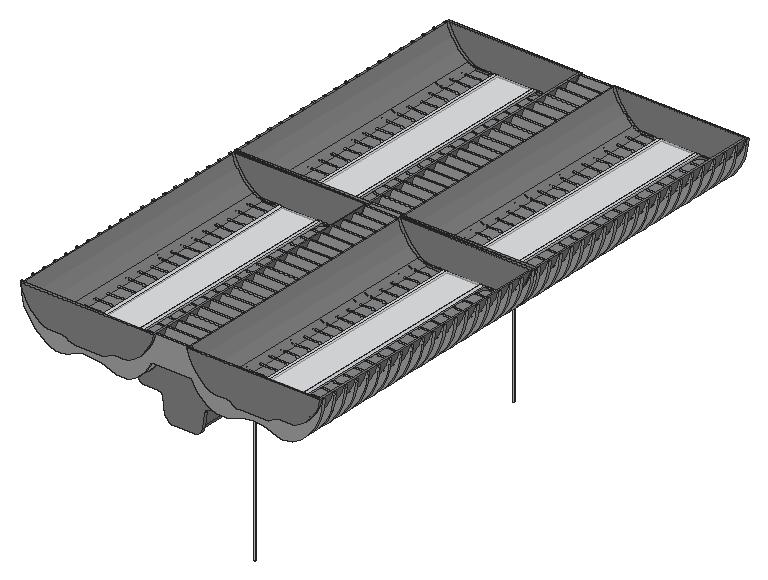
Revit family "0039266 Feilo Sylvania Lighting Fixtures SYLBAY LED 4000K 37KLM WIDE DALI", category Lighting Fixtures, host Face, Revit 2017
Family settings
  Host = Face
  Round Connector Dimension = Use Diameter
  Part Type = Normal
  OmniClass Number = 23.80.70.00
  OmniClass Title = Lighting
  Cut with Voids When Loaded = No
  Light Source = Yes
  Shared = No
  Room Calculation Point = No
Parameters (values of type "0039266 SYLBAY LED 4000K 37KLM WIDE DALI")
  WireRadius_FEILO = 1 mm
  Weight = "8.9 kg"
  Wattage Comments = "n/a"
  Wattage = 290 W
  WarrantyStartDate [instance] = "n/a"
  WarrantyGuarantorParts = "n/a"
  WarrantyDurationUnit = "n/a"
  WarrantyDurationParts = "n/a"
  WarrantyDescription = "n/a"
  built-in parameter 1150110 = 1 (stored number, unit not read)
  Voltage = 230 V
  URL = "http://www.sylvania-lighting.com"
  TypeName = "SYLBAY LED 4000K 37KLM WIDE DALI"
  Type Image = <None>
  Type Comments = "n/a"
  built-in parameter 1114217 = 1 (stored number, unit not read)
  Tilt Angle = -90.00°
  built-in parameter 1150109 = 1 (stored number, unit not read)
  built-in parameter 1150134 = 12
  SuspensionHeight_FEILO [instance] = if(SurfaceMounted_FEILO, 107 mm, SuspensionHeightEntry_FEILO)  # 300 mm
  SuspensionHeightEntry_FEILO [instance] = 300 mm
  SurfaceMounted_FEILO [instance] = no
  built-in parameter 1150113 = 1 (stored number, unit not read)
  SerialNumber [instance] = "n/a"
  ReflectorMaterial = none
  PowerFactor = 0
  PowerConsumption = "290 W"
  Photometric Web File = "0039266.ies"
  NominalLength = 650 mm
  NominalHeight = 105 mm
  NominalDepth = 375 mm
  Name = "SYLBAY LED 4000K 37KLM WIDE DALI"
  ModelReference = "SYLBAY LED 4000K 37KLM WIDE DALI"
  ModelNumber = "0039266"
  Model = "SYLBAY LED 4000K 37KLM WIDE DALI"
  Material = "aluminium housing"
  ManufacturerName = "Feilo Sylvania"
  Manufacturer = "Feilo Sylvania"
  LuminousEfficacy = "130.45 lm/W"
  built-in parameter 1150105 = 22250.3 (stored number, unit not read)
  Lumens = 37830.5 lm
  LuminaireType = ""
  built-in parameter 1150115 = 1 (stored number, unit not read)
  LightOutputRatio = "100"
  built-in parameter 1150137 = (empty or 0)
  built-in parameter 1150139 = (empty or 0)
  LampsType = Lamp  # "LED"
  LampNominalLuminous = "37700 lm"
  LampMacAdamStep = "n/a"
  LampColourTemperature = "4000 K"
  LampColourRenderingIndex = "80"
  built-in parameter 1150112 = 1 (stored number, unit not read)
  built-in parameter 1150114 = 1 (stored number, unit not read)
  Lamp = "LED"
  Keynote = "16500"
  InstallationDate [instance] = "n/a"
  InputVoltage = "220-240V~"
  InputNominalFrequency = "50/60 Hz"
  built-in parameter 1150132 = (empty or 0)
  built-in parameter 1150102 = (empty or 0)
  built-in parameter 1150107 = 4000 (stored number, unit not read)
  built-in parameter 1150138 = (empty or 0)
  IngressProtection = "IP65"
  ImpactProtectionIndex = "IK08"
  built-in parameter 1150106 = 222.5 (stored number, unit not read)
  IfcExportType = "IfcLightFixtureType"
  IfcExportAs = "IfcLightFixtureType"
  ExpectedLife = 50000
  Emit from Rectangle Width = 365 mm
  Emit from Rectangle Length = 645 mm
  Emit Shape Visible in Rendering = no
  ElectricShockClassification = "Class I"
  built-in parameter 1150104 = 12.119 (stored number, unit not read)
  DurationUnit = "hours"
  DocumentationLiterature = "http://www.sylvania-lighting.com/product/en-int/products/0039266"
  DimmingControlOptions = "Dimmable"
  Dimming Lamp Color Temperature Shift = <None>
  DiffuserMaterial = Diffuser-Sylvania-Sylbay-Transparent
  Description = "Specification industrial high bay luminaire, robust and durable, slim design, high output and efficiency, lightweight, aluminium housing with shatter-resistant polycarbonate lens optic, 37,700 lumens, 290W, 130lm/W, 4000K, 2100mA (x2), CRI 80, wide beam optic, DALI dimmable, IP65, IK08, 100,000 hrs (L90B10), (LxWxH) 665x375x105mm, 3 step MacAdam ellipse, 8.9kg, aluminium finish, Class 1, 220-240V, integrated LED, energy class: A++, A+, A."
  Default Elevation = 1219.2 mm
  CreatedOn = "17/11/2017"
  CreatedBy = ""
  Cost = 0
  Color Filter = 16777215
  built-in parameter 1114216 [instance] = (empty or 0)
  BodyMaterial = Body-Sylvania-Sylbay-Aluminium
  BarCode [instance] = "n/a"
  built-in parameter 1114218 = 1 (stored number, unit not read)
  built-in parameter 1150133 = 10 (stored number, unit not read)
  AssetType = "Fixed"
  AssetIdentifier [instance] = "n/a"
  Assembly Code = "D5020200"
  Apparent Load = 290 VA
  AccessoryMaterial = Accesory-Sylvania-Sylbay-White
Reference planes
  plane 1 "Center (Front/Back)": y = 0
  plane 2: z = 0
  plane 3 "Center (Left/Right)": x = 0
  plane 4: z = 300
  plane 5: y = -307
  plane 6: y = 200
  plane 7: y = -200
  plane 8: z = 237.522
  plane 9: z = 246.272
  plane 10: z = 227.522
  plane 11: z = 266.272
  plane 12: z = 256.272
  plane 13: z = 262.272
  plane 14: y = 307
  plane 15: y = -1
  plane 16: y = 1
  plane 17: y = -310
  plane 18: y = 310
  plane 19: z = 195
  plane 20: z = 193
Forms (mm)
  Extrusion 1, solid, material "Accesory-Sylvania-Sylbay-White" <- "AccessoryMaterial"
    sketch origin (0, 0, 0) x (1, 0, 0) y (0, 0, 1)
      loop
        arc (-39.258, 246.272) -> (-44.534, 242.283) -> (-50.507, 239.445) r 32.519
        arc (-50.507, 239.445) -> (-54.463, 232.388) -> (-48, 227.522) r 6.147
        line (-48, 227.522) -> (-32.102, 227.522)
        arc (-32.102, 227.522) -> (-26.92, 225.616) -> (-24.206, 220.808) r 8
        line (-24.206, 220.808) -> (-21.094, 201.713)
        arc (-21.094, 201.713) -> (-18.38, 196.905) -> (-13.198, 195) r 8
        line (-13.198, 195) -> (13.198, 195)
        arc (13.198, 195) -> (18.393, 196.916) -> (21.099, 201.746) r 8
        line (21.099, 201.746) -> (24.206, 220.808)
        arc (24.206, 220.808) -> (26.92, 225.616) -> (32.102, 227.522) r 8
        line (32.102, 227.522) -> (48, 227.522)
        arc (48, 227.522) -> (54.463, 232.388) -> (50.507, 239.445) r 6.147
        arc (50.507, 239.445) -> (44.534, 242.283) -> (39.258, 246.272) r 32.519
        arc (39.258, 246.272) -> (31.199, 255.531) -> (25.254, 266.272) r 58.361
        line (25.254, 266.272) -> (-25.254, 266.272)
        arc (-25.254, 266.272) -> (-31.199, 255.531) -> (-39.258, 246.272) r 58.361
    from -307 to 307
  Extrusion 2, solid, material "Body-Sylvania-Sylbay-Aluminium" <- "BodyMaterial", detail levels medium+fine
    sketch origin (0, 0, 0) x (1, 0, 0) y (0, 0, 1)
      loop
        arc (-32.102, 225.522) -> (-28.215, 224.093) -> (-26.18, 220.487) r 6
        line (-26.18, 220.487) -> (-23.068, 201.392)
        arc (-23.068, 201.392) -> (-19.676, 195.381) -> (-13.198, 193) r 10
        line (-13.198, 193) -> (13.198, 193)
        arc (13.198, 193) -> (19.69, 195.393) -> (23.074, 201.428) r 10
        line (23.074, 201.428) -> (26.18, 220.487)
        arc (26.18, 220.487) -> (28.215, 224.093) -> (32.102, 225.522) r 6
        line (32.102, 225.522) -> (47.932, 225.522)
        arc (47.932, 225.522) -> (54.718, 228.451) -> (56.343, 235.661) r 8.147
        arc (56.343, 235.661) -> (55.292, 237.506) -> (53.445, 238.553) r 4
        arc (53.445, 238.553) -> (45.865, 241.518) -> (39.258, 246.272) r 32.519
        arc (39.258, 246.272) -> (32.89, 253.237) -> (27.728, 261.137) r 58.361
        arc (27.728, 261.137) -> (25.523, 263.429) -> (22.456, 264.272) r 6
        line (22.456, 264.272) -> (-22.456, 264.272)
        arc (-22.456, 264.272) -> (-25.523, 263.429) -> (-27.728, 261.137) r 6
        arc (-27.728, 261.137) -> (-32.89, 253.237) -> (-39.258, 246.272) r 58.361
        arc (-39.258, 246.272) -> (-45.865, 241.518) -> (-53.445, 238.553) r 32.519
        arc (-53.445, 238.553) -> (-55.292, 237.506) -> (-56.343, 235.661) r 4
        arc (-56.343, 235.661) -> (-54.718, 228.451) -> (-47.932, 225.522) r 8.147
        line (-47.932, 225.522) -> (-32.102, 225.522)
    from 307 to 310
  Extrusion 3, solid, detail levels medium+fine
    sketch origin (0, 0, 0) x (1, 0, 0) y (0, 0, 1)
      loop
        line (-47.932, 225.522) -> (-32.102, 225.522)
        arc (-32.102, 225.522) -> (-28.215, 224.093) -> (-26.18, 220.487) r 6
        line (-26.18, 220.487) -> (-23.068, 201.392)
        arc (-23.068, 201.392) -> (-19.676, 195.381) -> (-13.198, 193) r 10
        line (-13.198, 193) -> (13.198, 193)
        arc (13.198, 193) -> (19.69, 195.393) -> (23.074, 201.428) r 10
        line (23.074, 201.428) -> (26.18, 220.487)
        arc (26.18, 220.487) -> (28.215, 224.093) -> (32.102, 225.522) r 6
        line (32.102, 225.522) -> (47.932, 225.522)
        arc (47.932, 225.522) -> (54.718, 228.451) -> (56.343, 235.661) r 8.147
        arc (56.343, 235.661) -> (55.292, 237.506) -> (53.445, 238.553) r 4
        arc (53.445, 238.553) -> (45.865, 241.518) -> (39.258, 246.272) r 32.519
        arc (39.258, 246.272) -> (32.89, 253.237) -> (27.728, 261.137) r 58.361
        arc (27.728, 261.137) -> (25.523, 263.429) -> (22.456, 264.272) r 6
        line (22.456, 264.272) -> (-22.456, 264.272)
        arc (-22.456, 264.272) -> (-25.523, 263.429) -> (-27.728, 261.137) r 6
        arc (-27.728, 261.137) -> (-32.89, 253.237) -> (-39.258, 246.272) r 58.361
        arc (-39.258, 246.272) -> (-45.865, 241.518) -> (-53.445, 238.553) r 32.519
        arc (-53.445, 238.553) -> (-55.292, 237.506) -> (-56.343, 235.661) r 4
        arc (-56.343, 235.661) -> (-54.718, 228.451) -> (-47.932, 225.522) r 8.147
    from -310 to -307
  Extrusion 4, solid
    sketch origin (-316.531, -4572, 195) x (-1, 0, 0) y (0, -1, 0)
      loop
        circle (-316.531, -4772) r 1
      loop
        circle (-316.531, -4372) r 1
    from 0 to -195
Dimensions and locks
  "SuspensionHeight_FEILO": plane 4 to plane 2
  equal spacing: plane 7, plane 1 "Center (Front/Back)", plane 6
  locked: plane 1 "Center (Front/Back)" to plane 6 at 200
  locked: plane 4 to plane 8 at 62.478
  locked: plane 4 to plane 9 at 53.728
  plane 4 to plane 10 = 72.478 mm
  locked: plane 4 to plane 11 at 33.728
  locked: plane 12 to plane 9 at 10
  locked: plane 13 to plane 12 at 6
  locked: plane 3 "Center (Left/Right)" to Extrusion 1 sketch curve at 48.447
  locked: Extrusion 1 sketch curve to plane 3 "Center (Left/Right)" at 48.447
  locked: plane 4 to Extrusion 1 sketch curve at 66.347  (x2)
  Extrusion 1 sketch curve to plane 3 "Center (Left/Right)" to Extrusion 1 sketch curve = 13.198 mm locked, 13.198 mm locked
  Extrusion 1 sketch curve to plane 3 "Center (Left/Right)" to Extrusion 1 sketch curve = 32.102 mm locked, 32.102 mm locked
  locked: plane 4 to Extrusion 1 sketch curve at 97  (x2)
  locked: plane 4 to Extrusion 1 sketch curve at 80.478  (x2)
  equal spacing: plane 15, plane 1 "Center (Front/Back)", plane 16
  locked: plane 10 to Extrusion 2 sketch curve at 2
  plane 10 to Extrusion 2 sketch curve = 2 mm
  locked: Extrusion 2 sketch curve to Extrusion 1 at 2  (x2)
  locked: Extrusion 2 sketch curve to plane 3 "Center (Left/Right)" at 52.466
  locked: plane 3 "Center (Left/Right)" to Extrusion 2 sketch curve at 52.466
  locked: plane 4 to Extrusion 2 sketch curve at 65.325  (x2)
  locked: plane 4 to Extrusion 2 sketch curve at 41.728  (x2)
  locked: plane 3 "Center (Left/Right)" to Extrusion 2 sketch curve at 22.456
  locked: Extrusion 2 sketch curve to plane 3 "Center (Left/Right)" at 22.456
  locked: plane 4 to plane 19 at 105
  locked: plane 19 to plane 20 at 2
  locked: plane 1 "Center (Front/Back)" to plane 18 at 310
  locked: plane 14 to plane 18 at 3
  locked: plane 17 to plane 1 "Center (Front/Back)" at 310
  locked: plane 17 to plane 5 at 3
  locked: plane 15 to plane 1 "Center (Front/Back)" at 1
  "WireRadius_FEILO": radius of Extrusion 4 sketch curve  (x2)
  aligned and locked: plane 2 to host face
  aligned and locked: level to host face
  aligned and locked: plane 10 to Extrusion 1 sketch curve
  aligned and locked: plane 5 to Extrusion 1
  aligned and locked: Extrusion 1 to plane 14
  aligned and locked: imposter light to plane 4
  aligned and locked: plane 3 "Center (Left/Right)" to imposter light
  aligned and locked: plane 1 "Center (Front/Back)" to imposter light
  aligned and locked: plane 17 to Extrusion 2
  aligned and locked: Extrusion 2 to plane 5
  aligned and locked: Extrusion 3 sketch curve to Extrusion 2  (x15)
  aligned and locked: Extrusion 3 to Extrusion 1
  aligned and locked: Extrusion 3 to plane 18
  aligned and locked: Extrusion 1 sketch curve to plane 19
  aligned and locked: plane 7 to Extrusion 4 sketch curve
  aligned and locked: plane 3 "Center (Left/Right)" to Extrusion 4 sketch curve  (x2)
  aligned and locked: plane 6 to Extrusion 4 sketch curve
  aligned and locked: Extrusion 1 to Extrusion 4
  aligned and locked: Extrusion 4 to level
  aligned and locked: plane 20 to Extrusion 2 sketch curve
  aligned and locked: plane 3 "Center (Left/Right)" to nested 1
  aligned and locked: plane 3 "Center (Left/Right)" to nested 22
  aligned and locked: plane 15 to nested 22
  aligned and locked: plane 16 to nested 1
Automatic sketch dimensions
  host sketch curve to host sketch curve = 2438.4 mm  (x2)
  Extrusion 1 sketch curve to plane 9 = 0 mm  (x4)
  Extrusion 1 sketch curve to plane 10 = 0 mm
  plane 11 to Extrusion 1 sketch curve = 3.811 mm
  Extrusion 1 sketch curve to Extrusion 1 sketch curve = 36.151 mm  (x2)
  Extrusion 1 sketch curve to plane 4 = 10.994 mm  (x2)
  Extrusion 1 sketch curve to plane 11 = 0 mm
  plane 9 to Extrusion 1 sketch curve = 23.811 mm
  Extrusion 1 sketch curve to plane 10 = 6.713 mm  (x2)
  plane 19 to Extrusion 1 sketch curve = 6.713 mm
  Extrusion 3 sketch curve to plane 10 = 7.035 mm  (x2)
  plane 19 to Extrusion 3 sketch curve = 6.392 mm
  plane 19 to Extrusion 1 sketch curve = 6.746 mm
  plane 19 to Extrusion 3 sketch curve = 6.428 mm
  plane 3 "Center (Left/Right)" to Extrusion 1 sketch curve = 25.254 mm
  Extrusion 1 sketch curve to Extrusion 1 sketch curve = 0.447 mm  (x2)
  Extrusion 1 sketch curve to Extrusion 1 sketch curve = 12.959 mm
  Extrusion 2 sketch curve to plane 9 = 0 mm  (x4)
  plane 11 to Extrusion 2 sketch curve = 3.811 mm  (x2)
  Extrusion 2 sketch curve to Extrusion 2 sketch curve = 8.939 mm  (x2)
  Extrusion 2 sketch curve to plane 4 = 10.994 mm  (x2)
  Extrusion 2 sketch curve to Extrusion 2 sketch curve = 17.6 mm  (x2)
  Extrusion 2 sketch curve to Extrusion 2 sketch curve = 4.02 mm  (x2)
  Extrusion 2 sketch curve to Extrusion 2 sketch curve = 0.514 mm
  Extrusion 2 sketch curve to plane 10 = 8 mm
  Extrusion 2 sketch curve to plane 10 = 7.035 mm  (x2)
  plane 19 to Extrusion 2 sketch curve = 6.392 mm
  plane 19 to Extrusion 2 sketch curve = 8 mm
  plane 3 "Center (Left/Right)" to Extrusion 2 sketch curve = 13.198 mm
  plane 19 to Extrusion 2 sketch curve = 6.428 mm
  Extrusion 2 sketch curve to Extrusion 2 sketch curve = 5.922 mm
  Extrusion 2 sketch curve to Extrusion 2 sketch curve = 4.534 mm
  Extrusion 2 sketch curve to plane 8 = 3.869 mm  (x2)
  Extrusion 2 sketch curve to plane 11 = 2 mm
  Extrusion 2 sketch curve to Extrusion 2 sketch curve = 0 mm  (x2)
Nested families
  nested 1: "SylbayBody" at (0, 166, 266.272), type "SylbayBody"
  nested 2: "SlybayRib" at (0, 310.453, 300), type "SylbayRib"
  nested 3: "SlybayRib" at (0, 293.406, 300), type "SylbayRib"
  nested 4: "SlybayRib" at (0, 276.358, 300), type "SylbayRib"
  nested 5: "SlybayRib" at (0, 259.311, 300), type "SylbayRib"
  nested 6: "SlybayRib" at (0, 242.264, 300), type "SylbayRib"
  nested 7: "SlybayRib" at (0, 225.217, 300), type "SylbayRib"
  nested 8: "SlybayRib" at (0, 208.169, 300), type "SylbayRib"
  nested 9: "SlybayRib" at (0, 191.122, 300), type "SylbayRib"
  nested 10: "SlybayRib" at (0, 327.5, 300), type "SylbayRib"
  nested 11: "SlybayRib" at (0, 21.547, 300), type "SylbayRib"
  nested 12: "SlybayRib" at (0, 38.594, 300), type "SylbayRib"
  nested 13: "SlybayRib" at (0, 55.642, 300), type "SylbayRib"
  nested 14: "SlybayRib" at (0, 72.689, 300), type "SylbayRib"
  nested 15: "SlybayRib" at (0, 89.736, 300), type "SylbayRib"
  nested 16: "SlybayRib" at (0, 106.783, 300), type "SylbayRib"
  nested 17: "SlybayRib" at (0, 123.831, 300), type "SylbayRib"
  nested 18: "SlybayRib" at (0, 140.878, 300), type "SylbayRib"
  nested 19: "SlybayRib" at (0, 4.5, 300), type "SylbayRib"
  nested 20: "SlybayRib" at (0, 174.075, 300), type "SylbayRib"
  nested 21: "SlybayRib" at (0, 157.925, 300), type "SylbayRib"
  nested 22: "SylbayBody" at (0, -166, 266.272), type "SylbayBody"
  nested 23: "SlybayRib" at (0, -21.547, 300), type "SylbayRib"
  nested 24: "SlybayRib" at (0, -38.594, 300), type "SylbayRib"
  nested 25: "SlybayRib" at (0, -55.642, 300), type "SylbayRib"
  nested 26: "SlybayRib" at (0, -72.689, 300), type "SylbayRib"
  nested 27: "SlybayRib" at (0, -89.736, 300), type "SylbayRib"
  nested 28: "SlybayRib" at (0, -106.783, 300), type "SylbayRib"
  nested 29: "SlybayRib" at (0, -123.831, 300), type "SylbayRib"
  nested 30: "SlybayRib" at (0, -140.878, 300), type "SylbayRib"
  nested 31: "SlybayRib" at (0, -4.5, 300), type "SylbayRib"
  nested 32: "SlybayRib" at (0, -310.453, 300), type "SylbayRib"
  nested 33: "SlybayRib" at (0, -293.406, 300), type "SylbayRib"
  nested 34: "SlybayRib" at (0, -276.358, 300), type "SylbayRib"
  nested 35: "SlybayRib" at (0, -259.311, 300), type "SylbayRib"
  nested 36: "SlybayRib" at (0, -242.264, 300), type "SylbayRib"
  nested 37: "SlybayRib" at (0, -225.217, 300), type "SylbayRib"
  nested 38: "SlybayRib" at (0, -208.169, 300), type "SylbayRib"
  nested 39: "SlybayRib" at (0, -191.122, 300), type "SylbayRib"
  nested 40: "SlybayRib" at (0, -327.5, 300), type "SylbayRib"
  nested 41: "SlybayRib" at (0, -157.925, 300), type "SylbayRib"
  nested 42: "SlybayRib" at (0, -174.075, 300), type "SylbayRib"
Connectors
  electrical at (0, 0, 0), driven by "Apparent Load"
    settings: index 1, voltage 230 V, apparent load 290 VA, apparent load phase1 0 VA, apparent load phase2 0 VA, apparent load phase3 0 VA, power factor 0, load classification "Lighting", number of poles 1, system type 30, power factor state 1, is connector primary yes, connector utility no, sub classification motor no, connector description ""
Definition of nested family "SylbayBody"
  Parameters (values of type "SylbayBody")
    URL = "http://www.feilosylvania.com"
    Type Image = (empty or 0)
    Type Comments = "n/a"
    RibLast_FEILO = 161.5 mm
    RibDistance_FEILO = RibLast_FEILO / 10  # 16.15 mm
    ReflectorMaterial = none
    Model = ""
    Manufacturer = "Feilo Sylvania"
    Keynote = ""
    DiffuserMaterial = none
    Description = "n/a"
    Default Elevation = 1219.2 mm
    Cost = 0
    BodyMaterial = none
    Assembly Code = "D5020200"
    AccessoryMaterial = none
  Reference planes
    plane 1 "Center (Front/Back)": y = 0
    plane 2: z = 0
    plane 3 "Center (Left/Right)": x = 0
    plane 4: x = -187.5
    plane 5: x = 187.5
    plane 6: z = 33.728
    plane 7: y = -165
    plane 8: y = 165
    plane 9: y = -148
    plane 10: y = 160
    plane 11: y = -160
    plane 12: z = -28.75
    plane 13: z = -20
    plane 14: x = -102.75
    plane 15: x = 102.75
    plane 16: z = 0
    plane 17: x = -185.5
    plane 18: x = -20
    plane 19: z = -10
    plane 20: x = -122.75
    plane 21: x = -82.75
    plane 22: z = -4
    plane 23: x = -130.75
    plane 24: x = -74.75
    plane 25: x = -145.75
    plane 26: x = -59.75
    plane 27: x = -25.3
    plane 28: x = -183.5
    plane 29: x = -22
    plane 30: y = -163
    plane 31: y = 163
    plane 32: x = 25.3
    plane 33: x = -48
    plane 34: x = 48
    plane 35: x = 20
    plane 36: y = 148
    plane 37: y = -161.5
    plane 38: y = 161.5
    plane 39: y = -8.075
    plane 40: y = 8.075
    plane 41: y = -151
    plane 42: y = 151
    plane 43: y = 149
    plane 44: y = 152
    plane 45: z = -2
    plane 46: z = 0
  Forms (mm)
    Extrusion 1, solid
      sketch origin (4.2, 0, 0) x (1, 0, 0) y (0, 1, 0)
        loop
          line (-1219.2, 1219.2) -> (-1219.2, -1219.2) -> (1219.2, -1219.2) -> (1219.2, 1219.2) -> (-1219.2, 1219.2)
      from 0 to -304.8
    Extrusion 2, solid, material <- "BodyMaterial", detail levels coarse+medium
      sketch origin (0, 0, -234.25) x (1, 0, 0) y (0, 0, 1)
        loop
          arc (-187.5, 267.978) -> (-180.003, 237.85) -> (-159.829, 214.25) r 67.598
          arc (-159.829, 214.25) -> (-143.258, 206.411) -> (-125.169, 209.379) r 30.791
          arc (-125.169, 209.379) -> (-113.533, 213.402) -> (-101.25, 214.25) r 46.777
          arc (-101.25, 214.25) -> (-87.202, 212.214) -> (-73.664, 207.942) r 87.865
          arc (-73.664, 207.942) -> (-55.541, 206.076) -> (-39.258, 214.25) r 32.519
          arc (-39.258, 214.25) -> (-31.199, 223.509) -> (-25.254, 234.25) r 58.361
          line (-25.254, 234.25) -> (25.254, 234.25)
          arc (25.254, 234.25) -> (31.199, 223.509) -> (39.258, 214.25) r 58.361
          arc (39.258, 214.25) -> (55.541, 206.076) -> (73.664, 207.942) r 32.519
          arc (73.664, 207.942) -> (87.202, 212.214) -> (101.25, 214.25) r 87.865
          arc (101.25, 214.25) -> (113.533, 213.402) -> (125.169, 209.379) r 46.777
          arc (125.169, 209.379) -> (143.258, 206.411) -> (159.829, 214.25) r 30.791
          arc (159.829, 214.25) -> (180.003, 237.85) -> (187.5, 267.978) r 67.598
          line (187.5, 267.978) -> (185.5, 267.978)
          arc (185.5, 267.978) -> (176.042, 248.665) -> (160.084, 234.25) r 56.823
          arc (160.084, 234.25) -> (153.191, 231.269) -> (145.75, 230.25) r 27.682
          line (145.75, 230.25) -> (132.583, 230.25)
          arc (132.583, 230.25) -> (129.421, 229.737) -> (126.583, 228.25) r 10
          line (126.583, 228.25) -> (123.917, 226.25)
          arc (123.917, 226.25) -> (121.079, 224.763) -> (117.917, 224.25) r 10
          line (117.917, 224.25) -> (84.583, 224.25)
          arc (84.583, 224.25) -> (81.421, 224.763) -> (78.583, 226.25) r 10
          line (78.583, 226.25) -> (75.917, 228.25)
          arc (75.917, 228.25) -> (73.079, 229.737) -> (69.917, 230.25) r 10
          line (69.917, 230.25) -> (58.25, 230.25)
          arc (58.25, 230.25) -> (51.55, 231.273) -> (45.461, 234.25) r 22.443
          arc (45.461, 234.25) -> (30.027, 249.073) -> (20, 267.978) r 67.602
          line (20, 267.978) -> (-20, 267.978)
          arc (-20, 267.978) -> (-30.027, 249.073) -> (-45.461, 234.25) r 67.602
          arc (-45.461, 234.25) -> (-51.55, 231.273) -> (-58.25, 230.25) r 22.443
          line (-58.25, 230.25) -> (-69.917, 230.25)
          arc (-69.917, 230.25) -> (-73.079, 229.737) -> (-75.917, 228.25) r 10
          line (-75.917, 228.25) -> (-78.583, 226.25)
          arc (-78.583, 226.25) -> (-81.421, 224.763) -> (-84.583, 224.25) r 10
          line (-84.583, 224.25) -> (-117.917, 224.25)
          arc (-117.917, 224.25) -> (-121.079, 224.763) -> (-123.917, 226.25) r 10
          line (-123.917, 226.25) -> (-126.583, 228.25)
          arc (-126.583, 228.25) -> (-129.421, 229.737) -> (-132.583, 230.25) r 10
          line (-132.583, 230.25) -> (-145.75, 230.25)
          arc (-145.75, 230.25) -> (-153.191, 231.269) -> (-160.084, 234.25) r 27.682
          arc (-160.084, 234.25) -> (-176.042, 248.665) -> (-185.5, 267.978) r 56.823
          line (-185.5, 267.978) -> (-187.5, 267.978)
      from 160 to -160
    Extrusion 3, solid, material <- "BodyMaterial"
      sketch origin (0, 0, -234.25) x (1, 0, 0) y (0, 0, 1)
        loop
          arc (-145.75, 230.25) -> (-152.168, 231.276) -> (-157.947, 234.25) r 20.597
          arc (-157.947, 234.25) -> (-173.175, 249.257) -> (-183.5, 267.978) r 74.319
          line (-183.5, 267.978) -> (-185.5, 267.978)
          arc (-185.5, 267.978) -> (-176.042, 248.665) -> (-160.084, 234.25) r 56.823
          arc (-160.084, 234.25) -> (-153.191, 231.269) -> (-145.75, 230.25) r 27.682
        loop
          arc (-45.461, 234.25) -> (-30.027, 249.073) -> (-20, 267.978) r 67.602
          line (-20, 267.978) -> (-22, 267.978)
          arc (-22, 267.978) -> (-31.964, 249.398) -> (-46.63, 234.25) r 76.357
          arc (-46.63, 234.25) -> (-52.105, 231.278) -> (-58.25, 230.25) r 18.878
          arc (-58.25, 230.25) -> (-51.55, 231.273) -> (-45.461, 234.25) r 22.443
        loop
          arc (145.75, 230.25) -> (153.191, 231.269) -> (160.084, 234.25) r 27.682
          arc (160.084, 234.25) -> (176.042, 248.665) -> (185.5, 267.978) r 56.823
          line (185.5, 267.978) -> (183.5, 267.978)
          arc (183.5, 267.978) -> (173.175, 249.257) -> (157.947, 234.25) r 74.319
          arc (157.947, 234.25) -> (152.168, 231.276) -> (145.75, 230.25) r 20.597
        loop
          arc (45.461, 234.25) -> (51.55, 231.273) -> (58.25, 230.25) r 22.443
          arc (58.25, 230.25) -> (52.105, 231.278) -> (46.63, 234.25) r 18.878
          arc (46.63, 234.25) -> (31.964, 249.398) -> (22, 267.978) r 76.357
          line (22, 267.978) -> (20, 267.978)
          arc (20, 267.978) -> (30.027, 249.073) -> (45.461, 234.25) r 67.602
      from -160 to 160
    Extrusion 4, solid, material <- "BodyMaterial"
      sketch origin (0, -165, -843.85) x (0, 0, -1) y (1, 0, 0)
        loop
          arc (-837.85, -132.583) -> (-837.439, -130.054) -> (-836.25, -127.783) r 8
          line (-836.25, -127.783) -> (-834.25, -125.117)
          arc (-834.25, -125.117) -> (-832.466, -121.711) -> (-831.85, -117.917) r 12
          line (-831.85, -117.917) -> (-831.85, -84.583)
          arc (-831.85, -84.583) -> (-832.466, -80.789) -> (-834.25, -77.383) r 12
          line (-834.25, -77.383) -> (-836.25, -74.717)
          arc (-836.25, -74.717) -> (-837.439, -72.446) -> (-837.85, -69.917) r 8
          line (-837.85, -69.917) -> (-837.85, -58.25)
          arc (-837.85, -58.25) -> (-838.965, -50.953) -> (-842.206, -44.322) r 24.443
          arc (-842.206, -44.322) -> (-857.666, -28.923) -> (-877.578, -20) r 60.581
          line (-877.578, -20) -> (-877.578, -22)
          arc (-877.578, -22) -> (-858.998, -31.964) -> (-843.85, -46.63) r 76.357
          arc (-843.85, -46.63) -> (-840.878, -52.105) -> (-839.85, -58.25) r 18.878
          line (-839.85, -58.25) -> (-839.85, -69.917)
          arc (-839.85, -69.917) -> (-839.337, -73.079) -> (-837.85, -75.917) r 10
          line (-837.85, -75.917) -> (-835.85, -78.583)
          arc (-835.85, -78.583) -> (-834.363, -81.421) -> (-833.85, -84.583) r 10
          line (-833.85, -84.583) -> (-833.85, -117.917)
          arc (-833.85, -117.917) -> (-834.363, -121.079) -> (-835.85, -123.917) r 10
          line (-835.85, -123.917) -> (-837.85, -126.583)
          arc (-837.85, -126.583) -> (-839.337, -129.421) -> (-839.85, -132.583) r 10
          line (-839.85, -132.583) -> (-839.85, -145.75)
          arc (-839.85, -145.75) -> (-840.876, -152.168) -> (-843.85, -157.947) r 20.597
          arc (-843.85, -157.947) -> (-858.857, -173.175) -> (-877.578, -183.5) r 74.319
          line (-877.578, -183.5) -> (-877.578, -185.5)
          arc (-877.578, -185.5) -> (-857.235, -177.123) -> (-842.139, -161.119) r 52.287
          arc (-842.139, -161.119) -> (-838.942, -153.728) -> (-837.85, -145.75) r 29.682
          line (-837.85, -145.75) -> (-837.85, -132.583)
        loop
          line (-837.85, 132.583) -> (-837.85, 145.75)
          arc (-837.85, 145.75) -> (-838.942, 153.728) -> (-842.139, 161.119) r 29.682
          arc (-842.139, 161.119) -> (-857.235, 177.123) -> (-877.578, 185.5) r 52.287
          line (-877.578, 185.5) -> (-877.578, 183.5)
          arc (-877.578, 183.5) -> (-858.857, 173.175) -> (-843.85, 157.947) r 74.319
          arc (-843.85, 157.947) -> (-840.876, 152.168) -> (-839.85, 145.75) r 20.597
          line (-839.85, 145.75) -> (-839.85, 132.583)
          arc (-839.85, 132.583) -> (-839.337, 129.421) -> (-837.85, 126.583) r 10
          line (-837.85, 126.583) -> (-835.85, 123.917)
          arc (-835.85, 123.917) -> (-834.363, 121.079) -> (-833.85, 117.917) r 10
          line (-833.85, 117.917) -> (-833.85, 84.583)
          arc (-833.85, 84.583) -> (-834.363, 81.421) -> (-835.85, 78.583) r 10
          line (-835.85, 78.583) -> (-837.85, 75.917)
          arc (-837.85, 75.917) -> (-839.337, 73.079) -> (-839.85, 69.917) r 10
          line (-839.85, 69.917) -> (-839.85, 58.25)
          arc (-839.85, 58.25) -> (-840.878, 52.105) -> (-843.85, 46.63) r 18.878
          arc (-843.85, 46.63) -> (-858.998, 31.964) -> (-877.578, 22) r 76.357
          line (-877.578, 22) -> (-877.578, 20)
          arc (-877.578, 20) -> (-857.666, 28.923) -> (-842.206, 44.322) r 60.581
          arc (-842.206, 44.322) -> (-838.965, 50.953) -> (-837.85, 58.25) r 24.443
          line (-837.85, 58.25) -> (-837.85, 69.917)
          arc (-837.85, 69.917) -> (-837.439, 72.446) -> (-836.25, 74.717) r 8
          line (-836.25, 74.717) -> (-834.25, 77.383)
          arc (-834.25, 77.383) -> (-832.466, 80.789) -> (-831.85, 84.583) r 12
          line (-831.85, 84.583) -> (-831.85, 117.917)
          arc (-831.85, 117.917) -> (-832.466, 121.711) -> (-834.25, 125.117) r 12
          line (-834.25, 125.117) -> (-836.25, 127.783)
          arc (-836.25, 127.783) -> (-837.439, 130.054) -> (-837.85, 132.583) r 8
      from -2 to -5
    Extrusion 5, solid, material <- "BodyMaterial"
      sketch origin (0, 165, -843.85) x (0, 0, -1) y (1, 0, 0)
        loop
          line (-831.85, -117.917) -> (-831.85, -84.583)
          arc (-831.85, -84.583) -> (-832.466, -80.789) -> (-834.25, -77.383) r 12
          line (-834.25, -77.383) -> (-836.25, -74.717)
          arc (-836.25, -74.717) -> (-837.439, -72.446) -> (-837.85, -69.917) r 8
          line (-837.85, -69.917) -> (-837.85, -58.25)
          arc (-837.85, -58.25) -> (-838.965, -50.953) -> (-842.206, -44.322) r 24.443
          arc (-842.206, -44.322) -> (-857.666, -28.923) -> (-877.578, -20) r 60.581
          line (-877.578, -20) -> (-877.578, -22)
          arc (-877.578, -22) -> (-858.998, -31.964) -> (-843.85, -46.63) r 76.357
          arc (-843.85, -46.63) -> (-840.878, -52.105) -> (-839.85, -58.25) r 18.878
          line (-839.85, -58.25) -> (-839.85, -69.917)
          arc (-839.85, -69.917) -> (-839.337, -73.079) -> (-837.85, -75.917) r 10
          line (-837.85, -75.917) -> (-835.85, -78.583)
          arc (-835.85, -78.583) -> (-834.363, -81.421) -> (-833.85, -84.583) r 10
          line (-833.85, -84.583) -> (-833.85, -117.917)
          arc (-833.85, -117.917) -> (-834.363, -121.079) -> (-835.85, -123.917) r 10
          line (-835.85, -123.917) -> (-837.85, -126.583)
          arc (-837.85, -126.583) -> (-839.337, -129.421) -> (-839.85, -132.583) r 10
          line (-839.85, -132.583) -> (-839.85, -145.75)
          arc (-839.85, -145.75) -> (-840.876, -152.168) -> (-843.85, -157.947) r 20.597
          arc (-843.85, -157.947) -> (-858.857, -173.175) -> (-877.578, -183.5) r 74.319
          line (-877.578, -183.5) -> (-877.578, -185.5)
          arc (-877.578, -185.5) -> (-857.235, -177.123) -> (-842.139, -161.119) r 52.287
          arc (-842.139, -161.119) -> (-838.942, -153.728) -> (-837.85, -145.75) r 29.682
          line (-837.85, -145.75) -> (-837.85, -132.583)
          arc (-837.85, -132.583) -> (-837.439, -130.054) -> (-836.25, -127.783) r 8
          line (-836.25, -127.783) -> (-834.25, -125.117)
          arc (-834.25, -125.117) -> (-832.466, -121.711) -> (-831.85, -117.917) r 12
        loop
          line (-831.85, 84.583) -> (-831.85, 117.917)
          arc (-831.85, 117.917) -> (-832.466, 121.711) -> (-834.25, 125.117) r 12
          line (-834.25, 125.117) -> (-836.25, 127.783)
          arc (-836.25, 127.783) -> (-837.439, 130.054) -> (-837.85, 132.583) r 8
          line (-837.85, 132.583) -> (-837.85, 145.75)
          arc (-837.85, 145.75) -> (-838.942, 153.728) -> (-842.139, 161.119) r 29.682
          arc (-842.139, 161.119) -> (-857.235, 177.123) -> (-877.578, 185.5) r 52.287
          line (-877.578, 185.5) -> (-877.578, 183.5)
          arc (-877.578, 183.5) -> (-858.857, 173.175) -> (-843.85, 157.947) r 74.319
          arc (-843.85, 157.947) -> (-840.876, 152.168) -> (-839.85, 145.75) r 20.597
          line (-839.85, 145.75) -> (-839.85, 132.583)
          arc (-839.85, 132.583) -> (-839.337, 129.421) -> (-837.85, 126.583) r 10
          line (-837.85, 126.583) -> (-835.85, 123.917)
          arc (-835.85, 123.917) -> (-834.363, 121.079) -> (-833.85, 117.917) r 10
          line (-833.85, 117.917) -> (-833.85, 84.583)
          arc (-833.85, 84.583) -> (-834.363, 81.421) -> (-835.85, 78.583) r 10
          line (-835.85, 78.583) -> (-837.85, 75.917)
          arc (-837.85, 75.917) -> (-839.337, 73.079) -> (-839.85, 69.917) r 10
          line (-839.85, 69.917) -> (-839.85, 58.25)
          arc (-839.85, 58.25) -> (-840.878, 52.105) -> (-843.85, 46.63) r 18.878
          arc (-843.85, 46.63) -> (-858.998, 31.964) -> (-877.578, 22) r 76.357
          line (-877.578, 22) -> (-877.578, 20)
          arc (-877.578, 20) -> (-857.666, 28.923) -> (-842.206, 44.322) r 60.581
          arc (-842.206, 44.322) -> (-838.965, 50.953) -> (-837.85, 58.25) r 24.443
          line (-837.85, 58.25) -> (-837.85, 69.917)
          arc (-837.85, 69.917) -> (-837.439, 72.446) -> (-836.25, 74.717) r 8
          line (-836.25, 74.717) -> (-834.25, 77.383)
          arc (-834.25, 77.383) -> (-832.466, 80.789) -> (-831.85, 84.583) r 12
      from 2 to 5
    Extrusion 6, solid, material <- "BodyMaterial"
      sketch origin (0, 165, -843.85) x (0, 0, -1) y (1, 0, 0)
        loop
          arc (-842.206, -44.322) -> (-857.666, -28.923) -> (-877.578, -20) r 60.581
          line (-877.578, -20) -> (-877.578, -185.5)
          arc (-877.578, -185.5) -> (-857.235, -177.123) -> (-842.139, -161.119) r 52.287
          arc (-842.139, -161.119) -> (-838.942, -153.728) -> (-837.85, -145.75) r 29.682
          line (-837.85, -145.75) -> (-837.85, -132.583)
          arc (-837.85, -132.583) -> (-837.439, -130.054) -> (-836.25, -127.783) r 8
          line (-836.25, -127.783) -> (-834.25, -125.117)
          arc (-834.25, -125.117) -> (-832.466, -121.711) -> (-831.85, -117.917) r 12
          line (-831.85, -117.917) -> (-831.85, -84.583)
          arc (-831.85, -84.583) -> (-832.466, -80.789) -> (-834.25, -77.383) r 12
          line (-834.25, -77.383) -> (-836.25, -74.717)
          arc (-836.25, -74.717) -> (-837.439, -72.446) -> (-837.85, -69.917) r 8
          line (-837.85, -69.917) -> (-837.85, -58.25)
          arc (-837.85, -58.25) -> (-838.965, -50.953) -> (-842.206, -44.322) r 24.443
        loop
          arc (-877.578, 20) -> (-857.666, 28.923) -> (-842.206, 44.322) r 60.581
          arc (-842.206, 44.322) -> (-838.965, 50.953) -> (-837.85, 58.25) r 24.443
          line (-837.85, 58.25) -> (-837.85, 69.917)
          arc (-837.85, 69.917) -> (-837.439, 72.446) -> (-836.25, 74.717) r 8
          line (-836.25, 74.717) -> (-834.25, 77.383)
          arc (-834.25, 77.383) -> (-832.466, 80.789) -> (-831.85, 84.583) r 12
          line (-831.85, 84.583) -> (-831.85, 117.917)
          arc (-831.85, 117.917) -> (-832.466, 121.711) -> (-834.25, 125.117) r 12
          line (-834.25, 125.117) -> (-836.25, 127.783)
          arc (-836.25, 127.783) -> (-837.439, 130.054) -> (-837.85, 132.583) r 8
          line (-837.85, 132.583) -> (-837.85, 145.75)
          arc (-837.85, 145.75) -> (-838.942, 153.728) -> (-842.139, 161.119) r 29.682
          arc (-842.139, 161.119) -> (-857.235, 177.123) -> (-877.578, 185.5) r 52.287
          line (-877.578, 185.5) -> (-877.578, 20)
      from 0 to 2
    Extrusion 7, solid, material <- "BodyMaterial"
      sketch origin (0, -165, -843.85) x (0, 0, -1) y (1, 0, 0)
        loop
          line (-877.578, -20) -> (-877.578, -185.5)
          arc (-877.578, -185.5) -> (-857.235, -177.123) -> (-842.139, -161.119) r 52.287
          arc (-842.139, -161.119) -> (-838.942, -153.728) -> (-837.85, -145.75) r 29.682
          line (-837.85, -145.75) -> (-837.85, -132.583)
          arc (-837.85, -132.583) -> (-837.439, -130.054) -> (-836.25, -127.783) r 8
          line (-836.25, -127.783) -> (-834.25, -125.117)
          arc (-834.25, -125.117) -> (-832.466, -121.711) -> (-831.85, -117.917) r 12
          line (-831.85, -117.917) -> (-831.85, -84.583)
          arc (-831.85, -84.583) -> (-832.466, -80.789) -> (-834.25, -77.383) r 12
          line (-834.25, -77.383) -> (-836.25, -74.717)
          arc (-836.25, -74.717) -> (-837.439, -72.446) -> (-837.85, -69.917) r 8
          line (-837.85, -69.917) -> (-837.85, -58.25)
          arc (-837.85, -58.25) -> (-838.965, -50.953) -> (-842.206, -44.322) r 24.443
          arc (-842.206, -44.322) -> (-857.666, -28.923) -> (-877.578, -20) r 60.581
        loop
          line (-877.578, 185.5) -> (-877.578, 20)
          arc (-877.578, 20) -> (-857.666, 28.923) -> (-842.206, 44.322) r 60.581
          arc (-842.206, 44.322) -> (-838.965, 50.953) -> (-837.85, 58.25) r 24.443
          line (-837.85, 58.25) -> (-837.85, 69.917)
          arc (-837.85, 69.917) -> (-837.439, 72.446) -> (-836.25, 74.717) r 8
          line (-836.25, 74.717) -> (-834.25, 77.383)
          arc (-834.25, 77.383) -> (-832.466, 80.789) -> (-831.85, 84.583) r 12
          line (-831.85, 84.583) -> (-831.85, 117.917)
          arc (-831.85, 117.917) -> (-832.466, 121.711) -> (-834.25, 125.117) r 12
          line (-834.25, 125.117) -> (-836.25, 127.783)
          arc (-836.25, 127.783) -> (-837.439, 130.054) -> (-837.85, 132.583) r 8
          line (-837.85, 132.583) -> (-837.85, 145.75)
          arc (-837.85, 145.75) -> (-838.942, 153.728) -> (-842.139, 161.119) r 29.682
          arc (-842.139, 161.119) -> (-857.235, 177.123) -> (-877.578, 185.5) r 52.287
      from 0 to -2
    Extrusion 8, solid, detail levels medium+fine
      sketch origin (0, 0, -234.25) x (1, 0, 0) y (0, 0, 1)
        loop
          arc (-123.917, 226.25) -> (-121.079, 224.763) -> (-117.917, 224.25) r 10
          line (-117.917, 224.25) -> (-84.583, 224.25)
          arc (-84.583, 224.25) -> (-81.421, 224.763) -> (-78.583, 226.25) r 10
          line (-78.583, 226.25) -> (-75.917, 228.25)
          arc (-75.917, 228.25) -> (-75.417, 229.25) -> (-75.917, 230.25) r 1.25
          line (-75.917, 230.25) -> (-79.782, 230.25) -> (-79.782, 228.278) -> (-122.75, 228.278) -> (-122.75, 230.25) -> (-126.583, 230.25)
          arc (-126.583, 230.25) -> (-127.083, 229.25) -> (-126.583, 228.25) r 1.25
          line (-126.583, 228.25) -> (-123.917, 226.25)
        loop
          line (123.917, 226.25) -> (126.583, 228.25)
          arc (126.583, 228.25) -> (127.083, 229.25) -> (126.583, 230.25) r 1.25
          line (126.583, 230.25) -> (122.75, 230.25) -> (122.75, 228.278) -> (79.782, 228.278) -> (79.782, 230.25) -> (75.917, 230.25)
          arc (75.917, 230.25) -> (75.417, 229.25) -> (75.917, 228.25) r 1.25
          line (75.917, 228.25) -> (78.583, 226.25)
          arc (78.583, 226.25) -> (81.421, 224.763) -> (84.583, 224.25) r 10
          line (84.583, 224.25) -> (117.917, 224.25)
          arc (117.917, 224.25) -> (121.079, 224.763) -> (123.917, 226.25) r 10
      from -163 to 163
    Extrusion 9, solid, material <- "DiffuserMaterial", detail levels medium+fine
      sketch origin (0, 0, -234.25) x (1, 0, 0) y (0, 0, 1)
        loop
          line (-122.75, 230.25) -> (-122.75, 228.278) -> (-79.782, 228.278) -> (-79.782, 230.25) -> (-122.75, 230.25)
        loop
          line (79.782, 230.25) -> (79.782, 228.278) -> (122.75, 228.278) -> (122.75, 230.25) -> (79.782, 230.25)
      from -163 to 163
  Cuts and joins
    joined: Extrusion 3, Extrusion 4, Extrusion 5, Extrusion 6, Extrusion 7
  Dimensions and locks
    equal spacing: plane 5, plane 3 "Center (Left/Right)", plane 4
    locked: plane 5 to plane 4 at 375
    equal spacing: plane 7, plane 1 "Center (Front/Back)", plane 8
    locked: plane 7 to plane 8 at 330
    locked: plane 6 to plane 12 at 62.478
    locked: plane 6 to plane 13 at 53.728
    equal spacing: plane 15, plane 3 "Center (Left/Right)", plane 14
    plane 3 "Center (Left/Right)" to plane 14 = 102.75 mm
    locked: plane 6 to plane 16 at 33.728
    equal spacing: plane 18, plane 14, plane 17
    locked: plane 19 to plane 13 at 10
    equal spacing: plane 21, plane 14, plane 20
    locked: plane 14 to plane 20 at 20
    locked: plane 22 to plane 19 at 6
    equal spacing: plane 24, plane 14, plane 23
    locked: plane 20 to plane 23 at 8
    equal spacing: plane 26, plane 14, plane 25
    locked: plane 23 to plane 25 at 15
    locked: plane 18 to plane 27 at 5.3
    locked: plane 3 "Center (Left/Right)" to Extrusion 2 sketch curve at 83.982  (x2)
    locked: plane 3 "Center (Left/Right)" to Extrusion 2 sketch curve at 79.005  (x2)
    locked: plane 3 "Center (Left/Right)" to Extrusion 2 sketch curve at 119.907  (x2)
    locked: plane 3 "Center (Left/Right)" to Extrusion 2 sketch curve at 61.405  (x2)
    locked: plane 3 "Center (Left/Right)" to Extrusion 2 sketch curve at 138.973  (x2)
    locked: plane 3 "Center (Left/Right)" to Extrusion 2 sketch curve at 84.583  (x2)
    locked: plane 3 "Center (Left/Right)" to Extrusion 2 sketch curve at 117.917  (x2)
    locked: plane 3 "Center (Left/Right)" to Extrusion 2 sketch curve at 132.583  (x2)
    locked: plane 3 "Center (Left/Right)" to Extrusion 2 sketch curve at 69.917  (x2)
    locked: Extrusion 2 sketch curve to plane 6 at 21.825  (x2)
    locked: Extrusion 2 sketch curve to plane 6 at 0.822  (x2)
    locked: plane 6 to Extrusion 2 sketch curve at 10.994  (x2)
    locked: plane 6 to Extrusion 2 sketch curve at 15.285  (x2)
    locked: plane 6 to Extrusion 2 sketch curve at 31.076  (x2)
    locked: plane 6 to Extrusion 2 sketch curve at 33.728  (x4)
    locked: plane 6 to Extrusion 2 sketch curve at 29.917  (x2)
    locked: plane 6 to Extrusion 2 sketch curve at 47.728  (x4)
    locked: plane 6 to Extrusion 2 sketch curve at 100.413  (x2)
    locked: plane 6 to Extrusion 2 sketch curve at 141.419  (x2)
    locked: plane 3 "Center (Left/Right)" to Extrusion 2 sketch curve at 106.788  (x2)
    locked: plane 3 "Center (Left/Right)" to Extrusion 2 sketch curve at 104.198  (x2)
    locked: plane 3 "Center (Left/Right)" to Extrusion 2 sketch curve at 145.75  (x2)
    locked: plane 6 to Extrusion 2 sketch curve at 10.046  (x2)
    locked: Extrusion 2 sketch curve to plane 6 at 14.884  (x2)
    locked: plane 3 "Center (Left/Right)" to Extrusion 2 sketch curve at 130.661  (x2)
    equal spacing: plane 29, plane 14, plane 28
    locked: plane 28 to plane 17 at 2
    locked: plane 3 "Center (Left/Right)" to Extrusion 3 sketch curve at 58.25  (x2)
    locked: plane 3 "Center (Left/Right)" to Extrusion 3 sketch curve at 93.629  (x2)
    locked: plane 3 "Center (Left/Right)" to Extrusion 3 sketch curve at 113.936  (x2)
    locked: plane 3 "Center (Left/Right)" to Extrusion 3 sketch curve at 145.75  (x2)
    locked: plane 6 to Extrusion 3 sketch curve at 18.85  (x2)
    locked: plane 6 to Extrusion 3 sketch curve at 17.131  (x2)
    equal spacing: plane 11, plane 1 "Center (Front/Back)", plane 10
    plane 11 to plane 1 "Center (Front/Back)" = 160 mm
    equal spacing: plane 30, plane 1 "Center (Front/Back)", plane 31
    locked: plane 7 to plane 30 at 2
    locked: plane 22 to Extrusion 4 sketch curve at 2  (x4)
    locked: plane 19 to Extrusion 4 sketch curve at 2  (x2)
    locked: Extrusion 2 to Extrusion 4 sketch curve at 2  (x3)
    locked: Extrusion 4 sketch curve to Extrusion 2 at 2
    locked: Extrusion 8 sketch curve to plane 20 at 42.968
    locked: plane 22 to Extrusion 8 sketch curve at 1.972  (x2)
    locked: Extrusion 8 sketch curve to Extrusion 8 sketch curve at 42.968
    locked: plane 15 to Extrusion 8 sketch curve at 22.968
    equal spacing: plane 32, plane 3 "Center (Left/Right)", plane 27
    equal spacing: plane 34, plane 3 "Center (Left/Right)", plane 33
    plane 3 "Center (Left/Right)" to plane 33 = 48 mm
    equal spacing: plane 35, plane 3 "Center (Left/Right)", plane 18
    locked: plane 3 "Center (Left/Right)" to plane 18 at 20
    equal spacing: plane 9, plane 1 "Center (Front/Back)", plane 36
    locked: plane 9 to plane 1 "Center (Front/Back)" at 148
    equal spacing: plane 37, plane 1 "Center (Front/Back)", plane 38
    "RibLast_FEILO": plane 37 to plane 1 "Center (Front/Back)"
    equal spacing: plane 39, plane 1 "Center (Front/Back)", plane 40
    "RibDistance_FEILO": plane 39 to plane 40
    equal spacing: group 1, group 3, group 4, group 5, group 6, group 7, group 8, group 9, group 10, group 2  (x2)
    equal spacing: group 2, group 10, group 9, group 8, group 7, group 6, group 5, group 4, group 3, group 1
    equal spacing: group 11, group 13, group 14, group 15, group 16, group 17, group 18, group 19, group 20, group 12  (x3)
    equal spacing: plane 41, plane 1 "Center (Front/Back)", plane 42
    locked: plane 36 to plane 42 at 3
    locked: plane 36 to plane 43 at 1
    locked: plane 36 to plane 44 at 4
    locked: plane 16 to plane 45 at 2
    aligned and locked: plane 2 to Extrusion 1
    aligned and locked: level to Extrusion 1
    aligned and locked: plane 6 to Extrusion 2 sketch curve  (x2)
    aligned and locked: plane 4 to Extrusion 2 sketch curve
    aligned and locked: plane 22 to Extrusion 2 sketch curve
    aligned and locked: plane 19 to Extrusion 2 sketch curve
    aligned and locked: Extrusion 2 sketch curve to plane 22
    aligned and locked: plane 13 to Extrusion 2 sketch curve  (x3)
    aligned and locked: plane 11 to Extrusion 2
    aligned and locked: plane 17 to Extrusion 2 sketch curve
    aligned and locked: plane 25 to Extrusion 2 sketch curve
    aligned and locked: Extrusion 2 sketch curve to plane 6  (x3)
    aligned and locked: Extrusion 2 sketch curve to plane 16
    aligned and locked: Extrusion 3 sketch curve to Extrusion 2  (x5)
    aligned and locked: plane 16 to Extrusion 3 sketch curve
    aligned and locked: plane 28 to Extrusion 3 sketch curve
    aligned and locked: plane 6 to Extrusion 3 sketch curve  (x2)
    aligned and locked: plane 29 to Extrusion 3 sketch curve
    aligned and locked: Extrusion 3 sketch curve to plane 6  (x2)
    aligned and locked: Extrusion 2 to plane 10
    aligned and locked: Extrusion 3 to plane 10
    aligned and locked: plane 11 to Extrusion 3
    aligned and locked: Extrusion 4 sketch curve to Extrusion 3  (x6)
    aligned and locked: Extrusion 4 sketch curve to Extrusion 2  (x4)
    aligned and locked: Extrusion 4 to plane 11
    aligned and locked: Extrusion 5 sketch curve to Extrusion 4  (x36)
    aligned and locked: plane 10 to Extrusion 5
    aligned and locked: Extrusion 5 to plane 31
    aligned and locked: plane 30 to Extrusion 4
    aligned and locked: Extrusion 6 sketch curve to Extrusion 4  (x16)
    aligned and locked: Extrusion 6 sketch curve to Extrusion 2
    aligned and locked: Extrusion 6 sketch curve to Extrusion 3
    aligned and locked: plane 31 to Extrusion 6
    aligned and locked: Extrusion 6 to plane 8
    aligned and locked: Extrusion 7 sketch curve to Extrusion 6  (x18)
    aligned and locked: Extrusion 7 to plane 30
    aligned and locked: plane 7 to Extrusion 7
    aligned and locked: Extrusion 8 sketch curve to cut or joined group of Extrusion 3, Extrusion 4, Extrusion 5, Extrusion 6, Extrusion 7  (x3)
    aligned and locked: plane 22 to Extrusion 8 sketch curve  (x4)
    aligned and locked: Extrusion 8 sketch curve to plane 22  (x4)
    aligned and locked: plane 20 to Extrusion 8 sketch curve
    aligned and locked: Extrusion 8 to plane 31
    aligned and locked: plane 30 to Extrusion 8
    aligned and locked: Extrusion 9 sketch curve to Extrusion 8  (x8)
    aligned and locked: plane 30 to Extrusion 9
    aligned and locked: Extrusion 9 to plane 31
    aligned and locked: plane 3 "Center (Left/Right)" to nested 1
    aligned and locked: plane 39 to nested 1
    aligned and locked: plane 3 "Center (Left/Right)" to nested 2
    aligned and locked: plane 40 to nested 2
    aligned and locked: plane 2 to plane 46
    aligned and locked: plane 16 to level
  Automatic sketch dimensions
    Extrusion 1 sketch curve to Extrusion 1 sketch curve = 2438.4 mm  (x2)
    Extrusion 2 sketch curve to plane 16 = 0 mm  (x6)
    Extrusion 2 sketch curve to plane 13 = 0 mm  (x7)
    Extrusion 2 sketch curve to plane 35 = 0 mm
    Extrusion 2 sketch curve to plane 5 = 0 mm
    Extrusion 2 sketch curve to plane 19 = 0 mm
    Extrusion 2 sketch curve to plane 22 = 2 mm  (x3)
    Extrusion 2 sketch curve to plane 20 = 1.167 mm
    plane 19 to Extrusion 2 sketch curve = 2 mm  (x3)
    Extrusion 2 sketch curve to plane 24 = 1.167 mm
    Extrusion 3 sketch curve to plane 16 = 0 mm  (x11)
    Extrusion 3 sketch curve to plane 35 = 0 mm
    Extrusion 3 sketch curve to plane 22 = 0 mm  (x4)
    Extrusion 3 sketch curve to Extrusion 3 sketch curve = 9.647 mm
    Extrusion 3 sketch curve to Extrusion 3 sketch curve = 16.725 mm
    Extrusion 3 sketch curve to plane 5 = 2 mm
    Extrusion 4 sketch curve to Extrusion 4 sketch curve = 0 mm  (x13)
    Extrusion 4 sketch curve to plane 6 = 0 mm  (x2)
    Extrusion 4 sketch curve to plane 25 = 0 mm
    Extrusion 4 sketch curve to plane 16 = 0 mm  (x6)
    Extrusion 4 sketch curve to plane 22 = 0 mm  (x2)
    Extrusion 4 sketch curve to plane 19 = 0 mm
    Extrusion 4 sketch curve to plane 17 = 0 mm
    Extrusion 4 sketch curve to plane 18 = 0 mm
    Extrusion 4 sketch curve to plane 35 = 0 mm
    Extrusion 4 sketch curve to plane 15 = 9.121 mm
    plane 6 to Extrusion 4 sketch curve = 26.45 mm
    plane 15 to Extrusion 4 sketch curve = 11.186 mm
    Extrusion 4 sketch curve to Extrusion 4 sketch curve = 0.292 mm
    plane 6 to Extrusion 4 sketch curve = 14.412 mm  (x2)
    plane 21 to Extrusion 4 sketch curve = 3.909 mm
    Extrusion 4 sketch curve to plane 23 = 3.295 mm
    plane 6 to Extrusion 4 sketch curve = 9.292 mm  (x2)
    Extrusion 4 sketch curve to Extrusion 4 sketch curve = 7.085 mm  (x2)
    Extrusion 4 sketch curve to plane 6 = 10.046 mm
    plane 34 to Extrusion 4 sketch curve = 10.25 mm
    Extrusion 4 sketch curve to plane 6 = 15.285 mm
    plane 26 to Extrusion 4 sketch curve = 1.5 mm
    Extrusion 4 sketch curve to Extrusion 4 sketch curve = 3.565 mm  (x2)
    Extrusion 4 sketch curve to plane 22 = 2 mm  (x3)
    Extrusion 4 sketch curve to plane 24 = 1.167 mm
    Extrusion 4 sketch curve to Extrusion 4 sketch curve = 1.6 mm  (x3)
    plane 24 to Extrusion 4 sketch curve = 0.033 mm
    plane 19 to Extrusion 4 sketch curve = 2 mm  (x3)
    Extrusion 4 sketch curve to plane 20 = 1.167 mm
    plane 19 to Extrusion 4 sketch curve = 0.4 mm  (x4)
    Extrusion 4 sketch curve to plane 19 = 4 mm  (x2)
    Extrusion 4 sketch curve to Extrusion 4 sketch curve = 14.788 mm
    Extrusion 4 sketch curve to Extrusion 4 sketch curve = 20.109 mm
    Extrusion 4 sketch curve to plane 5 = 2 mm
    Extrusion 5 sketch curve to plane 22 = 2 mm  (x3)
    Extrusion 5 sketch curve to plane 24 = 1.167 mm
    Extrusion 5 sketch curve to Extrusion 5 sketch curve = 1.6 mm  (x3)
    plane 24 to Extrusion 5 sketch curve = 0.033 mm
    plane 19 to Extrusion 5 sketch curve = 2 mm  (x3)
    Extrusion 5 sketch curve to plane 20 = 1.167 mm
    plane 19 to Extrusion 5 sketch curve = 0.4 mm  (x4)
    plane 19 to Extrusion 6 sketch curve = 2.4 mm  (x3)
    plane 24 to Extrusion 6 sketch curve = 0.033 mm
    plane 19 to Extrusion 6 sketch curve = 0.4 mm  (x4)
    plane 19 to Extrusion 7 sketch curve = 2.4 mm  (x3)
    plane 24 to Extrusion 7 sketch curve = 0.033 mm
    plane 19 to Extrusion 7 sketch curve = 0.4 mm  (x4)
    Extrusion 8 sketch curve to plane 19 = 0 mm
    Extrusion 8 sketch curve to plane 16 = 0 mm  (x2)
    Extrusion 8 sketch curve to plane 20 = 1.167 mm
    Extrusion 8 sketch curve to plane 22 = 1 mm  (x3)
    Extrusion 8 sketch curve to plane 20 = 3.083 mm
    Extrusion 8 sketch curve to Extrusion 8 sketch curve = 0.75 mm  (x4)
    Extrusion 8 sketch curve to plane 22 = 2 mm  (x3)
    plane 19 to Extrusion 8 sketch curve = 2 mm  (x3)
    Extrusion 8 sketch curve to plane 24 = 1.167 mm
    Extrusion 8 sketch curve to Extrusion 8 sketch curve = 3.865 mm
    Extrusion 8 sketch curve to Extrusion 8 sketch curve = 0 mm
    Extrusion 8 sketch curve to Extrusion 8 sketch curve = 1.198 mm
    Extrusion 8 sketch curve to Extrusion 8 sketch curve = 4.833 mm
    Extrusion 8 sketch curve to Extrusion 8 sketch curve = 3.083 mm
  Nested families
    nested 1: "SlybayRib" at (0, -8.075, 33.728), type "SylbayRib", detail levels fine
    nested 2: "SlybayRib" at (0, 8.075, 33.728), type "SylbayRib", detail levels fine
    nested 3: "SlybayRib" at (0, -161.5, 33.728), type "SylbayRib", detail levels fine
    nested 4: "SlybayRib" at (0, -25.122, 33.728), type "SylbayRib", detail levels fine
    nested 5: "SlybayRib" at (0, -42.169, 33.728), type "SylbayRib", detail levels fine
    nested 6: "SlybayRib" at (0, -59.217, 33.728), type "SylbayRib", detail levels fine
    nested 7: "SlybayRib" at (0, -76.264, 33.728), type "SylbayRib", detail levels fine
    nested 8: "SlybayRib" at (0, -93.311, 33.728), type "SylbayRib", detail levels fine
    nested 9: "SlybayRib" at (0, -110.358, 33.728), type "SylbayRib", detail levels fine
    nested 10: "SlybayRib" at (0, -127.406, 33.728), type "SylbayRib", detail levels fine
    nested 11: "SlybayRib" at (0, -144.453, 33.728), type "SylbayRib", detail levels fine
    nested 12: "SlybayRib" at (0, 161.5, 33.728), type "SylbayRib", detail levels fine
    nested 13: "SlybayRib" at (0, 25.122, 33.728), type "SylbayRib", detail levels fine
    nested 14: "SlybayRib" at (0, 42.169, 33.728), type "SylbayRib", detail levels fine
    nested 15: "SlybayRib" at (0, 59.217, 33.728), type "SylbayRib", detail levels fine
    nested 16: "SlybayRib" at (0, 76.264, 33.728), type "SylbayRib", detail levels fine
    nested 17: "SlybayRib" at (0, 93.311, 33.728), type "SylbayRib", detail levels fine
    nested 18: "SlybayRib" at (0, 110.358, 33.728), type "SylbayRib", detail levels fine
    nested 19: "SlybayRib" at (0, 127.406, 33.728), type "SylbayRib", detail levels fine
    nested 20: "SlybayRib" at (0, 144.453, 33.728), type "SylbayRib", detail levels fine
  Connectors
    electrical at (0, 0, 0)
      settings: index 1, voltage 230 V, apparent load 145 VA, apparent load phase1 0 VA, apparent load phase2 0 VA, apparent load phase3 0 VA, power factor 0, load classification none, number of poles 1, system type 30, power factor state 1, is connector primary yes, connector utility no, sub classification motor no, connector description ""
  Definition of nested family "SlybayRib"
    Parameters (values of type "SylbayRib")
      URL = "http://www.feilosylvania.com"
      Type Image = (empty or 0)
      Type Comments = "n/a"
      RibThickness_FEILO = 2.5 mm
      RibExtrusionStart_FEILO = RibThickness_FEILO / 2  # 1.25 mm
      RibExtrusionEnd_FEILO = -RibThickness_FEILO / 2  # -1.25 mm
      RibDistance_FEILO = 0 mm
      Model = ""
      Manufacturer = "Feilo Sylvania"
      Keynote = ""
      Description = "n/a"
      Default Elevation = 1219.2 mm
      Cost = 0
      BodyMaterial = none
      Assembly Code = ""
    Reference planes
      plane 1 "Center (Front/Back)": y = 0
      plane 2: z = 0
      plane 3 "Center (Left/Right)": x = 0
      plane 4: x = -187.5
      plane 5: x = 187.5
      plane 6: z = 0
      plane 7: z = -62.478
      plane 8: z = -53.728
      plane 9: x = -102.75
      plane 10: x = 102.75
      plane 11: z = -33.728
      plane 12: x = -185.5
      plane 13: x = -20
      plane 14: z = -43.728
      plane 15: x = -122.75
      plane 16: x = -82.75
      plane 17: z = -37.728
      plane 18: x = -130.75
      plane 19: x = -74.75
      plane 20: x = -145.75
      plane 21: x = -59.75
      plane 22: x = -25.3
    Forms (mm)
      Extrusion 1, solid
        sketch origin (4.2, 0, 0) x (1, 0, 0) y (0, 1, 0)
          loop
            line (-1219.2, 1219.2) -> (-1219.2, -1219.2) -> (1219.2, -1219.2) -> (1219.2, 1219.2) -> (-1219.2, 1219.2)
        from 0 to -304.8
      Extrusion 2, solid, material <- "BodyMaterial"
        sketch origin (0, 0, 0) x (1, 0, 0) y (0, 0, 1)
          loop
            arc (-187.5, 0) -> (-180.003, -30.129) -> (-159.829, -53.728) r 67.598
            arc (-159.829, -53.728) -> (-143.258, -61.567) -> (-125.169, -58.599) r 30.791
            arc (-125.169, -58.599) -> (-113.533, -54.576) -> (-101.25, -53.728) r 46.777
            arc (-101.25, -53.728) -> (-87.202, -55.765) -> (-73.664, -60.037) r 87.865
            arc (-73.664, -60.037) -> (-55.541, -61.903) -> (-39.258, -53.728) r 32.519
            arc (-39.258, -53.728) -> (-31.199, -44.469) -> (-25.254, -33.728) r 58.361
            line (-25.254, -33.728) -> (25.254, -33.728)
            arc (25.254, -33.728) -> (31.199, -44.469) -> (39.258, -53.728) r 58.361
            arc (39.258, -53.728) -> (55.541, -61.903) -> (73.664, -60.037) r 32.519
            arc (73.664, -60.037) -> (87.202, -55.765) -> (101.25, -53.728) r 87.865
            arc (101.25, -53.728) -> (113.533, -54.576) -> (125.169, -58.599) r 46.777
            arc (125.169, -58.599) -> (143.258, -61.567) -> (159.829, -53.728) r 30.791
            arc (159.829, -53.728) -> (180.003, -30.129) -> (187.5, 0) r 67.598
            line (187.5, 0) -> (185.5, 0)
            arc (185.5, 0) -> (176.046, -19.314) -> (160.088, -33.728) r 56.788
            arc (160.088, -33.728) -> (153.193, -36.71) -> (145.75, -37.728) r 27.697
            line (145.75, -37.728) -> (132.583, -37.728)
            arc (132.583, -37.728) -> (129.421, -38.242) -> (126.583, -39.728) r 10
            line (126.583, -39.728) -> (123.917, -41.728)
            arc (123.917, -41.728) -> (121.079, -43.215) -> (117.917, -43.728) r 10
            line (117.917, -43.728) -> (84.583, -43.728)
            arc (84.583, -43.728) -> (81.421, -43.215) -> (78.583, -41.728) r 10
            line (78.583, -41.728) -> (75.917, -39.728)
            arc (75.917, -39.728) -> (73.079, -38.242) -> (69.917, -37.728) r 10
            line (69.917, -37.728) -> (58.25, -37.728)
            arc (58.25, -37.728) -> (51.55, -36.705) -> (45.461, -33.728) r 22.443
            arc (45.461, -33.728) -> (30.027, -18.905) -> (20, 0) r 67.602
            line (20, 0) -> (-20, 0)
            arc (-20, 0) -> (-30.027, -18.905) -> (-45.461, -33.728) r 67.602
            arc (-45.461, -33.728) -> (-51.55, -36.705) -> (-58.25, -37.728) r 22.443
            line (-58.25, -37.728) -> (-69.917, -37.728)
            arc (-69.917, -37.728) -> (-73.079, -38.242) -> (-75.917, -39.728) r 10
            line (-75.917, -39.728) -> (-78.583, -41.728)
            arc (-78.583, -41.728) -> (-81.421, -43.215) -> (-84.583, -43.728) r 10
            line (-84.583, -43.728) -> (-117.917, -43.728)
